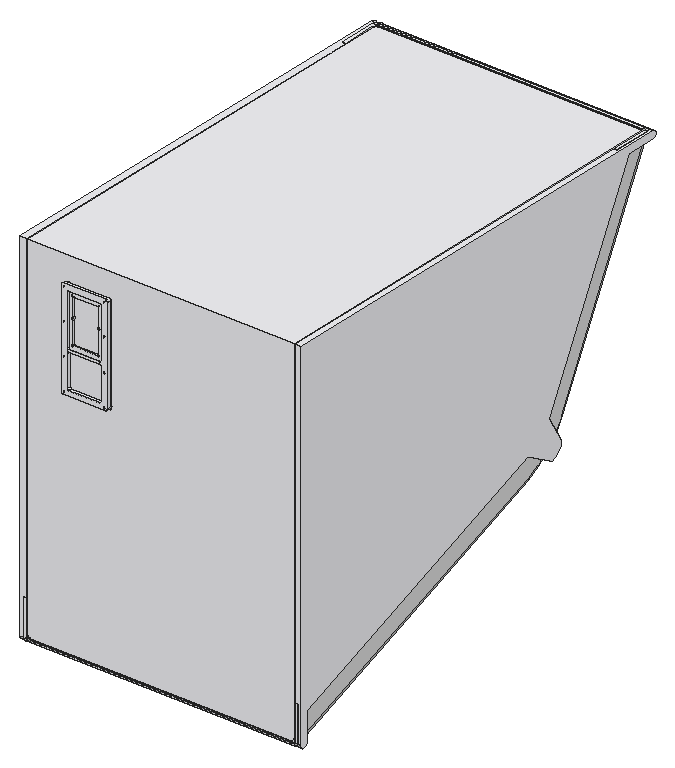
Revit family "EVC-1122-VI", category Communication Devices, Revit 2017 (continued)
Definition of nested family "InputPanel_small"
  Lines and regions (mm)
    model lines
      curve 1042: line (-25.94, -4.337, 31.279) -> (-25.657, -4.337, 30.291)
      curve 1043: line (-25.657, -4.337, 30.291) -> (-24.965, -4.337, 30.291)
      curve 1044: line (-24.965, -4.337, 30.291) -> (-22.847, -4.337, 30.29)
      curve 1045: line (-22.847, -4.337, 30.29) -> (-22.848, -4.337, 36.486)
      curve 1046: line (-28.709, -4.337, 20.832) -> (-28.921, -4.337, 20.832)
      curve 1047: line (-28.921, -4.337, 20.832) -> (-28.921, -4.337, 21.175)
      curve 1048: line (-28.842, -4.337, 21.313) -> (-28.709, -4.337, 21.439)
      curve 1049: line (-28.709, -4.337, 21.439) -> (-28.709, -4.337, 20.832)
      curve 1050: line (-28.709, -4.337, 20.832) -> (-27.082, -4.337, 20.831)
      curve 1051: line (-27.082, -4.337, 20.831) -> (-27.082, -4.337, 21.438)
      curve 1052: line (-27.081, -4.337, 27.746) -> (-27.082, -4.337, 26.531)
      curve 1053: line (-27.081, -4.337, 34.051) -> (-27.081, -4.337, 32.836)
      curve 1054: line (-27.08, -4.337, 40.358) -> (-27.08, -4.337, 39.143)
      curve 1055: line (-28.706, -4.337, 46.057) -> (-28.918, -4.337, 46.057)
      curve 1056: line (-28.918, -4.337, 46.057) -> (-28.918, -4.337, 45.691)
      curve 1057: line (-28.839, -4.337, 45.575) -> (-28.706, -4.337, 45.449)
      curve 1058: line (-28.706, -4.337, 45.449) -> (-28.706, -4.337, 46.057)
      curve 1059: line (-28.706, -4.337, 46.057) -> (-27.079, -4.337, 46.057)
      curve 1060: line (-27.079, -4.337, 46.057) -> (-27.079, -4.337, 45.449)
      curve 1061: line (-28.919, -4.337, 40.095) -> (-28.915, -4.337, 39.417)
      curve 1062: line (-28.84, -4.337, 39.27) -> (-28.707, -4.337, 39.144)
      curve 1063: line (-28.707, -4.337, 39.144) -> (-28.707, -4.337, 40.359)
      curve 1064: line (-28.707, -4.337, 40.359) -> (-28.84, -4.337, 40.232)
      curve 1065: line (-28.708, -4.337, 34.051) -> (-28.708, -4.337, 32.836)
      curve 1066: line (-28.708, -4.337, 32.836) -> (-28.841, -4.337, 32.963)
      curve 1067: line (-28.92, -4.337, 33.078) -> (-28.919, -4.337, 33.787)
      curve 1068: line (-28.841, -4.337, 33.925) -> (-28.708, -4.337, 34.051)
      curve 1069: line (-28.92, -4.337, 27.482) -> (-28.917, -4.337, 26.804)
      curve 1070: line (-28.842, -4.337, 26.657) -> (-28.709, -4.337, 26.531)
      curve 1071: line (-28.709, -4.337, 26.531) -> (-28.708, -4.337, 27.746)
      curve 1072: line (-28.708, -4.337, 27.746) -> (-28.842, -4.337, 27.62)
      curve 1073: line (-24.272, -4.337, 33.155) -> (-26.389, -4.337, 33.155)
      curve 1074: line (-26.389, -4.337, 33.155) -> (-26.389, -4.337, 33.732)
      curve 1075: line (-26.389, -4.337, 33.732) -> (-24.272, -4.337, 33.731)
      curve 1076: line (-24.272, -4.337, 33.731) -> (-24.272, -4.337, 33.155)
      curve 1077: line (-24.271, -4.337, 39.462) -> (-24.271, -4.337, 40.039)
      curve 1078: line (-24.271, -4.337, 40.039) -> (-26.388, -4.337, 40.039)
      curve 1079: line (-26.388, -4.337, 40.039) -> (-26.388, -4.337, 39.463)
      curve 1080: line (-26.388, -4.337, 39.463) -> (-24.271, -4.337, 39.462)
      curve 1081: line (-24.272, -4.337, 26.85) -> (-24.272, -4.337, 27.426)
      curve 1082: line (-24.272, -4.337, 27.426) -> (-26.39, -4.337, 27.426)
      curve 1083: line (-26.39, -4.337, 27.426) -> (-26.39, -4.337, 26.85)
      curve 1084: line (-26.39, -4.337, 26.85) -> (-24.272, -4.337, 26.85)
      curve 1085: line (-26.388, -4.337, 46.057) -> (-24.27, -4.337, 46.056)
      curve 1086: line (-24.27, -4.337, 46.056) -> (-24.27, -4.337, 45.768)
      curve 1087: line (-24.27, -4.337, 45.768) -> (-26.388, -4.337, 45.768)
      curve 1088: line (-26.388, -4.337, 45.768) -> (-26.388, -4.337, 46.057)
      curve 1089: line (-26.388, -4.337, 46.057) -> (-27.079, -4.337, 46.057)
      curve 1090: line (-27.082, -4.337, 20.831) -> (-26.391, -4.337, 20.831)
      curve 1091: line (-26.391, -4.337, 20.831) -> (-26.391, -4.337, 21.119)
      curve 1092: line (-26.391, -4.337, 21.119) -> (-24.273, -4.337, 21.119)
      curve 1093: line (-24.273, -4.337, 21.119) -> (-24.273, -4.337, 20.831)
      curve 1094: line (-24.273, -4.337, 20.831) -> (-26.391, -4.337, 20.831)
      curve 1095: line (-25.785, -4.337, 36.802) -> (-27.579, -4.337, 34.613)
      curve 1096: line (-27.579, -4.337, 34.613) -> (-27.088, -4.337, 34.281)
      curve 1097: line (-25.785, -4.337, 43.108) -> (-27.578, -4.337, 40.92)
      curve 1098: line (-27.578, -4.337, 40.92) -> (-27.087, -4.337, 40.587)
      curve 1099: line (-25.812, -4.337, 37.057) -> (-27.412, -4.337, 35.105)
      curve 1100: line (-27.412, -4.337, 35.105) -> (-27.981, -4.337, 35.105)
      curve 1101: line (-27.981, -4.337, 35.105) -> (-25.943, -4.337, 37.592)
      curve 1102: line (-25.812, -4.337, 43.363) -> (-27.411, -4.337, 41.411)
      curve 1103: line (-27.411, -4.337, 41.411) -> (-27.981, -4.337, 41.411)
      curve 1104: line (-27.981, -4.337, 41.411) -> (-25.943, -4.337, 43.898)
      curve 1105: line (-25.786, -4.337, 30.496) -> (-27.579, -4.337, 28.307)
      curve 1106: line (-27.579, -4.337, 28.307) -> (-27.088, -4.337, 27.974)
      curve 1107: line (-25.787, -4.337, 24.189) -> (-27.58, -4.337, 22.001)
      curve 1108: line (-27.58, -4.337, 22.001) -> (-27.089, -4.337, 21.668)
      curve 1109: line (-25.814, -4.337, 24.444) -> (-27.413, -4.337, 22.492)
      curve 1110: line (-27.413, -4.337, 22.492) -> (-27.983, -4.337, 22.492)
      curve 1111: line (-27.983, -4.337, 22.492) -> (-25.945, -4.337, 24.979)
      curve 1112: line (-25.813, -4.337, 30.75) -> (-27.412, -4.337, 28.798)
      curve 1113: line (-27.412, -4.337, 28.798) -> (-27.982, -4.337, 28.799)
      curve 1114: line (-27.982, -4.337, 28.799) -> (-25.944, -4.337, 31.286)
      curve 1115: line (-22.849, -4.337, 23.874) -> (-22.85, -4.337, 20.831)
      curve 1116: line (-22.85, -4.337, 20.831) -> (-17.426, -4.337, 20.83)
      curve 1117: line (-17.426, -4.337, 20.83) -> (-17.423, -4.337, 46.056)
      curve 1118: line (-17.423, -4.337, 46.056) -> (-22.846, -4.337, 46.056)
      curve 1119: line (-22.846, -4.337, 46.056) -> (-24.27, -4.337, 46.056)
      curve 1120: line (-24.27, -4.337, 46.056) -> (-21.157, -4.337, 46.184)
      curve 1121: line (-21.157, -4.337, 46.184) -> (-21.035, -4.337, 46.361)
      curve 1122: line (-24.273, -4.337, 20.831) -> (-22.85, -4.337, 20.831)
      curve 1123: line (-16.642, -4.337, 39.451) -> (-16.643, -4.337, 33.939)
      curve 1124: line (-16.643, -4.337, 33.939) -> (-12.428, -4.337, 33.939)
      curve 1125: line (-12.428, -4.337, 33.939) -> (-12.427, -4.337, 39.451)
      curve 1126: line (-12.427, -4.337, 39.451) -> (-16.642, -4.337, 39.451)
      curve 1127: line (-12.427, -4.337, 40.047) -> (-12.426, -4.337, 45.558)
      curve 1128: line (-12.426, -4.337, 45.558) -> (-16.641, -4.337, 45.559)
      curve 1129: line (-16.641, -4.337, 45.559) -> (-16.642, -4.337, 40.047)
      curve 1130: line (-16.642, -4.337, 40.047) -> (-12.427, -4.337, 40.047)
      curve 1131: line (-17.1, -4.337, 20.83) -> (-17.097, -4.337, 46.055)
      curve 1132: line (-17.097, -4.337, 46.055) -> (-11.97, -4.337, 46.055)
      curve 1133: line (-11.97, -4.337, 46.055) -> (-11.974, -4.337, 20.83)
      curve 1134: line (-11.974, -4.337, 20.83) -> (-17.1, -4.337, 20.83)
      curve 1135: line (-17.1, -4.337, 20.83) -> (-17.426, -4.337, 20.83)
      curve 1136: line (-16.644, -4.337, 26.839) -> (-16.644, -4.337, 21.327)
      curve 1137: line (-16.644, -4.337, 21.327) -> (-12.429, -4.337, 21.326)
      curve 1138: line (-12.429, -4.337, 21.326) -> (-12.428, -4.337, 26.838)
      curve 1139: line (-12.428, -4.337, 26.838) -> (-16.644, -4.337, 26.839)
      curve 1140: line (-12.428, -4.337, 27.434) -> (-12.428, -4.337, 32.946)
      curve 1141: line (-12.428, -4.337, 32.946) -> (-16.643, -4.337, 32.946)
      curve 1142: line (-16.643, -4.337, 32.946) -> (-16.644, -4.337, 27.434)
      curve 1143: line (-16.644, -4.337, 27.434) -> (-12.428, -4.337, 27.434)
      curve 1144: line (-17.097, -4.337, 46.055) -> (-17.423, -4.337, 46.056)
      curve 1145: line (-17.423, -4.337, 46.056) -> (-14.161, -4.337, 46.183)
      curve 1146: line (-14.161, -4.337, 46.183) -> (-14.039, -4.337, 46.36)
      curve 1147: line (-14.039, -4.337, 46.36) -> (-17.172, -4.337, 46.36)
      curve 1148: line (-17.172, -4.337, 46.36) -> (-17.294, -4.337, 46.183)
      curve 1149: line (-16.642, -4.337, 38.284) -> (-15.234, -4.337, 38.284)
      curve 1150: line (-15.234, -4.337, 38.284) -> (-14.908, -4.337, 38.972)
      curve 1151: line (-14.908, -4.337, 38.972) -> (-14.523, -4.337, 39.451)
      curve 1152: line (-16.644, -4.337, 25.672) -> (-15.235, -4.337, 25.671)
      curve 1153: line (-15.235, -4.337, 25.671) -> (-14.91, -4.337, 26.36)
      curve 1154: line (-14.91, -4.337, 26.36) -> (-14.525, -4.337, 26.838)
      curve 1155: line (-16.644, -4.337, 28.601) -> (-15.235, -4.337, 28.601)
      curve 1156: line (-15.235, -4.337, 28.601) -> (-14.91, -4.337, 27.913)
      curve 1157: line (-14.91, -4.337, 27.913) -> (-14.525, -4.337, 27.434)
      curve 1158: line (-16.642, -4.337, 41.214) -> (-15.234, -4.337, 41.214)
      curve 1159: line (-15.234, -4.337, 41.214) -> (-14.908, -4.337, 40.526)
      curve 1160: line (-14.908, -4.337, 40.526) -> (-14.523, -4.337, 40.047)
      curve 1161: line (-16.643, -4.337, 31.978) -> (-15.235, -4.337, 31.978)
      curve 1162: line (-15.235, -4.337, 31.978) -> (-14.909, -4.337, 32.666)
      curve 1163: line (-14.909, -4.337, 32.666) -> (-14.684, -4.337, 32.946)
      curve 1164: line (-16.642, -4.337, 44.591) -> (-15.233, -4.337, 44.59)
      curve 1165: line (-15.233, -4.337, 44.59) -> (-14.908, -4.337, 45.278)
      curve 1166: line (-14.908, -4.337, 45.278) -> (-14.682, -4.337, 45.559)
      curve 1167: line (-16.643, -4.337, 34.908) -> (-15.234, -4.337, 34.907)
      curve 1168: line (-15.234, -4.337, 34.907) -> (-14.909, -4.337, 34.219)
      curve 1169: line (-14.684, -4.337, 33.939) -> (-14.909, -4.337, 34.219)
      curve 1170: line (-14.909, -4.337, 34.219) -> (-14.908, -4.337, 38.972)
      curve 1171: line (-16.644, -4.337, 22.295) -> (-15.236, -4.337, 22.295)
      curve 1172: line (-15.236, -4.337, 22.295) -> (-14.911, -4.337, 21.607)
      curve 1173: line (-14.911, -4.337, 21.607) -> (-14.91, -4.337, 26.36)
      curve 1174: line (-14.685, -4.337, 21.327) -> (-14.911, -4.337, 21.607)
      curve 1175: line (-15.235, -4.337, 28.601) -> (-15.235, -4.337, 31.978)
      curve 1176: line (-15.234, -4.337, 41.214) -> (-15.233, -4.337, 44.59)
      curve 1177: line (-15.235, -4.337, 25.671) -> (-15.236, -4.337, 22.295)
      curve 1178: line (-15.234, -4.337, 38.284) -> (-15.234, -4.337, 34.907)
      curve 1179: line (-17.172, -4.337, 46.36) -> (-17.172, -4.337, 46.622)
      curve 1180: line (-17.172, -4.337, 46.622) -> (-14.039, -4.337, 46.621)
      curve 1181: line (-14.039, -4.337, 46.621) -> (-14.039, -4.337, 46.36)
      curve 1182: line (-17.172, -4.337, 46.622) -> (-17.753, -4.337, 46.622)
      curve 1183: line (-17.753, -4.337, 46.622) -> (-17.753, -4.337, 46.36)
      curve 1184: line (-17.753, -4.337, 46.36) -> (-17.631, -4.337, 46.183)
      curve 1185: line (-13.525, -4.337, 40.047) -> (-13.524, -4.337, 45.558)
      curve 1186: line (-13.527, -4.337, 27.434) -> (-13.526, -4.337, 32.946)
      curve 1187: line (-13.527, -4.337, 21.326) -> (-13.527, -4.337, 26.838)
      curve 1188: line (-13.526, -4.337, 33.939) -> (-13.525, -4.337, 39.451)
      curve 1189: line (-14.91, -4.337, 27.913) -> (-14.909, -4.337, 32.666)
      curve 1190: line (-14.908, -4.337, 40.526) -> (-14.908, -4.337, 45.278)
      curve 1191: line (-24.168, -4.337, 46.361) -> (-24.29, -4.337, 46.184)
      curve 1192: line (-24.168, -4.337, 46.622) -> (-24.168, -4.337, 46.361)
      curve 1193: line (-24.168, -4.337, 46.361) -> (-21.035, -4.337, 46.361)
      curve 1194: line (-21.035, -4.337, 46.361) -> (-21.035, -4.337, 46.622)
      curve 1195: line (-21.035, -4.337, 46.622) -> (-24.168, -4.337, 46.622)
      curve 1196: line (-24.168, -4.337, 46.622) -> (-24.749, -4.337, 46.623)
      curve 1197: line (-24.749, -4.337, 46.623) -> (-24.749, -4.337, 46.361)
      curve 1198: line (-24.749, -4.337, 46.361) -> (-24.627, -4.337, 46.184)
      curve 1199: line (-50.251, -4.337, 21.031) -> (-50.248, -4.337, 45.862)
      curve 1200: line (-50.193, -4.337, 45.807) -> (-50.196, -4.337, 21.086)
      curve 1201: line (-49.239, -4.337, 46.871) -> (-11.796, -4.337, 46.867)
      curve 1202: line (-11.851, -4.337, 46.812) -> (-49.184, -4.337, 46.816)
      curve 1203: line (-10.787, -4.337, 45.858) -> (-10.79, -4.337, 21.027)
      curve 1204: line (-10.79, -4.337, 21.029) -> (-10.842, -4.337, 45.803)
      curve 1205: line (-11.799, -4.337, 20.018) -> (-49.243, -4.337, 20.022)
      curve 1206: line (-49.188, -4.337, 20.077) -> (-11.854, -4.337, 20.073)
      curve 1207: line (-32.649, -4.337, 30.292) -> (-31.03, -4.337, 30.291)
      curve 1208: line (-31.03, -4.337, 30.291) -> (-30.696, -4.337, 30.291)
      curve 1209: line (-32.65, -4.337, 23.985) -> (-31.031, -4.337, 23.985)
      curve 1210: line (-31.031, -4.337, 23.985) -> (-30.698, -4.337, 23.985)
      curve 1211: line (-32.649, -4.337, 36.598) -> (-31.029, -4.337, 36.598)
      curve 1212: line (-31.029, -4.337, 36.598) -> (-30.696, -4.337, 36.598)
      curve 1213: line (-32.648, -4.337, 42.904) -> (-31.028, -4.337, 42.904)
      curve 1214: line (-31.028, -4.337, 42.904) -> (-30.695, -4.337, 42.904)
      curve 1215: line (-28.39, -4.337, 36.597) -> (-30.009, -4.337, 36.598)
      curve 1216: line (-30.009, -4.337, 36.598) -> (-30.343, -4.337, 36.598)
      curve 1217: line (-28.389, -4.337, 42.904) -> (-30.008, -4.337, 42.904)
      curve 1218: line (-30.008, -4.337, 42.904) -> (-30.341, -4.337, 42.904)
      curve 1219: line (-28.39, -4.337, 30.291) -> (-30.01, -4.337, 30.291)
      curve 1220: line (-30.01, -4.337, 30.291) -> (-30.343, -4.337, 30.291)
      curve 1221: line (-28.391, -4.337, 23.985) -> (-30.011, -4.337, 23.985)
      curve 1222: line (-30.011, -4.337, 23.985) -> (-30.344, -4.337, 23.985)
Definition of nested family "2D_CabinetLoudspeaker"
  Parameters (values of type "LoudSpeaker")
    Pan2D [instance] = 0.00°
  Reference planes
    plane 1: y = 0
    plane 2: x = 0
  Lines and regions (mm)
    Masking region 1
      outline origin (0, 0, 0) x (0, -1, 0) y (1, 0, 0)
        loop
          circle (0, 0) r 4.2
    detail lines
      curve 1: line (1.484, 2.897, 0) -> (1.484, 1.008, 0)
      curve 2: line (-1.484, 2.897, 0) -> (1.484, 2.897, 0)
      curve 3: line (-1.484, 1.008, 0) -> (-1.484, 2.897, 0)
      curve 4: line (1.484, 1.008, 0) -> (3.102, -1.911, 0)
      curve 5: line (3.102, -1.911, 0) -> (-3.102, -1.911, 0)
      curve 6: line (-3.102, -1.911, 0) -> (-1.484, 1.008, 0)
      curve 8: line (-1.484, 1.008, 0) -> (1.484, 1.008, 0)
    reference lines
      curve 7: line (0, 0, 0) -> (0, -10.967, 0)
  Dimensions and locks
    "Pan2D": angle curve 7 to plane 2
    aligned and locked: curve 8 to curve 4
    aligned and locked: curve 8 to curve 3
    aligned and locked: curve 1 to curve 8
    aligned and locked: curve 6 to curve 8
    aligned and locked: plane 2 to curve 7
    aligned and locked: plane 1 to curve 7
  Automatic sketch dimensions
    Masking region 1 sketch curve to curve 7 = 0.00 mm  (x2)
    curve 3 to curve 7 = 2.897 mm
    curve 3 to curve 7 = 1.008 mm
    curve 4 to curve 7 = 1.008 mm
    curve 7 to curve 5 = 1.911 mm
    curve 6 to curve 7 = 3.102 mm
    curve 7 to curve 2 = 1.484 mm
    curve 7 to curve 1 = 1.484 mm
    curve 7 to curve 4 = 3.102 mm
    radius of Masking region 1 sketch curve = 4.20 mm
Types (3, lengths in mm): name | ModelNumber | MaterialRALColour | LoudspeakerMaterial | GrillMaterial | CTN
  (no name) | "F.01U.329.290" | "RAL9010" | 13-plyWeather-resistantBirchEVCoat -RAL9010 | 16GA Powder-coatedGalvanneal - W | "EVC1122VIW"
  EVC1122VIW_12"_Speaker_White | "F.01U.329.290" | "RAL9010" | 13-plyWeather-resistantBirchEVCoat -RAL9010 | 16GA Powder-coatedGalvanneal - W | "EVC1122VIW"
  EVC1122VIB_12"_Speaker_Black | "F.01U.329.289" | "RAL9004" | 13-plyWeather-resistantBirchEVCoat -RAL9004 | 16GA Powder-coatedGalvanneal - B | "EVC1122VIB"
